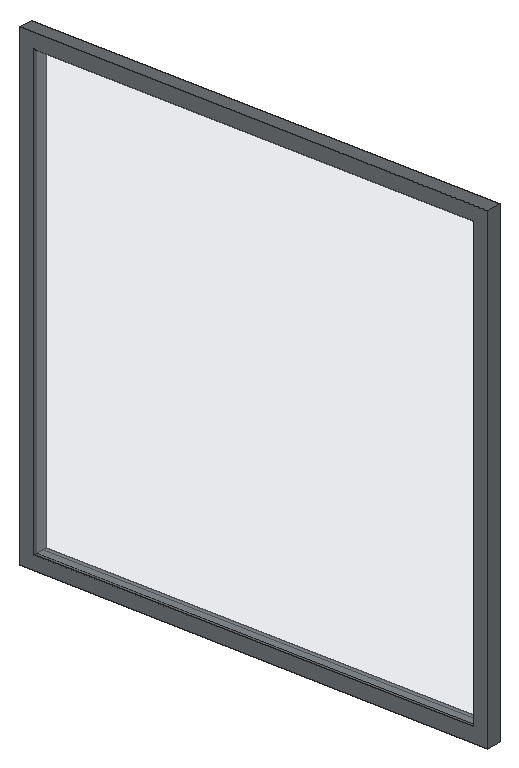
Revit family "ADSK_ОкноВитражноеОдностворчатое", category Окна, Revit 2021
Family settings
  Номер OmniClass = 23.25.20.14.11.11.17
  Заголовок OmniClass = Infill Panels
  Всегда вертикально = Да
  При загрузке вырезать с полостями = Нет
  Общий = Нет
  Точка принадлежности помещению = Нет
Parameters (values of type "Откидывание вниз")
  Ширина = 1663.754 mm
  Термостойкость = 0.271106 (m²·K)/W
  Смещение открывания [instance] = 400.00 mm
  Сдвиг_Право = no
  Сдвиг_Лево = no
  Рабочая зона = yes
  Панель_Смещение [instance] = -50.00 mm
  Рама_профиль_Ширина = 50.00 mm
  Рама_профиль_Высота = 50.00 mm
  Visual Light Transmittance = 0.9
  Стекло_Толщина = 25.00 mm
  Отступ_панели [instance] = 450.00 mm + Панель_Смещение  # 400.00 mm
  Открывание_Лево = no
  Подъем_Вверх = no
  Открывание_Право = no
  Откидывание_Вниз = yes
  Определить тепловые свойства по = Тип схем
  Материал переплета = RAL 7016
  Solar Heat Gain Coefficient = 0.78
  Идентификатор типа конструкции = "GSP4R"
  Коэффициент теплопередачи (U) = 3.6886 W/(m²·K)
  Материал остекления = ADSK_Стекло_Прозрачное бесцветное
  Стекло_Смещение = 10.00 mm
  Длина открывания [instance] = Смещение открывания * 2  # 800.00 mm
  Model = ""
  Глухая = no
  Аналитическая конструкция = "Одинарное остекление стеклами Пилкингтон - 1/8 дюйма"
  ADSK_Этаж [instance] = ""
  ADSK_Примечание [instance] = ""
  ADSK_Предел огнестойкости = ""
  ADSK_Позиция [instance] = ""
  ADSK_Обозначение = "ГОСТ 23166-99"
  ADSK_Наименование краткое = ""
  ADSK_Наименование = "ОА ОСП *-* ПО Л"
  ADSK_Масса_Текст = ""
  ADSK_Масса = 0
  ADSK_Количество [instance] = 0
  ADSK_Код изделия = ""
  ADSK_Зона [instance] = ""
  ADSK_Завод-изготовитель = ""
  ADSK_Единица измерения = ""
  ADSK_Группирование [instance] = ""
  ADSK_Версия семейства = "1.0"  # constant formula
  ADSK_Версия Revit = "v2019"  # constant formula
  ADSK_URL страницы изделия = ""
  ADSK_URL документации изделия = ""
Types (2, lengths in mm): name | Рама_профиль_Ширина | Подъем_Вверх | Откидывание_Вниз | Материал переплета | Стекло_Смещение
  Откидывание вниз | 50.00 | no | yes | RAL 7016 | 10.00
  Открывание Подъем вверх | 100.00 | yes | no | AVLN_Материал импоста_RAL 7024 | 40.00
Reference planes
  plane 1: y = 0
  plane 2: z = 0
  plane 3: x = 0
  plane 4: x = -831.877
  plane 5: x = 831.877
  plane 6: z = 1712.776
  plane 7 "Внутренняя грань": y = -50
  plane 8: z = 856.388
  plane 9: x = 100
  plane 10: x = -100
  plane 11: z = 956.388
  plane 12: z = 756.388
  plane 13: y = -450
  plane 14 "Нражная грань": y = 0
  plane 15: y = -1713.754
Forms (mm)
  Extrusion 1, solid, material "ADSK_Стекло_Прозрачное бесцветное" <- "Материал остекления"
    sketch origin (0, 0, 0) x (1, 0, 0) y (0, 1, 0)
      loop
        line (-781.877, -15) -> (-781.877, -40) -> (781.877, -40) -> (781.877, -15) -> (-781.877, -15)
    from 50 to 1662.776
  Sweep 2, solid, material "RAL 7016" <- "Материал переплета"
    path origin (0, -50, 0) x (-1, 0, 0) y (0, 0, 1)
      loop
        line (-831.877, 1712.776) -> (-831.877, 0) -> (831.877, 0) -> (831.877, 1712.776) -> (-831.877, 1712.776)
    profile origin (0, -50, 1712.776) x (0, 0, 1) y (0, 1, 0)
      loop
        line (0, 0) -> (0, 50) -> (-50, 50) -> (-50, 0) -> (0, 0)
Lines and regions (mm)
  symbolic lines, visible <- "Глухая"
    curve 1: line (0, -50, 956.388) -> (0, -50, 756.388)
    curve 2: line (100, -50, 856.388) -> (-100, -50, 856.388)
  symbolic lines, visible <- "Сдвиг_Право"
    curve 3: line (-400, -50, 856.388) -> (-264.77, -50, 892.622)
    curve 4: line (-400, -50, 856.388) -> (-264.77, -50, 820.153)
    curve 16: line (400, -50, 856.388) -> (-400, -50, 856.388)
  symbolic lines, visible <- "Сдвиг_Право", not visible
    curve 5: line (-211.731, -50, 1419.396) -> (-76.501, -50, 1455.631)
    curve 6: line (-211.731, -50, 1419.396) -> (-76.501, -50, 1383.162)
  symbolic lines, visible <- "Сдвиг_Лево"
    curve 7: line (400, -50, 856.388) -> (264.77, -50, 892.622)
    curve 8: line (400, -50, 856.388) -> (264.77, -50, 820.153)
    curve 15: line (400, -50, 856.388) -> (-400, -50, 856.388)
    curve 19: line (400, -50, 856.388) -> (395, -50, 856.388)
  symbolic lines, visible <- "Сдвиг_Лево", not visible
    curve 9: line (250, -50, 1504.2) -> (114.77, -50, 1540.435)
    curve 10: line (250, -50, 1504.2) -> (114.77, -50, 1467.965)
    curve 20: line (250, -50, 1504.2) -> (245, -50, 1504.2)
  symbolic lines, style "Открывание_Внутрь", not visible
    curve 11: line (278.269, 0, 450) -> (-278.269, 0, 0)
    curve 12: line (-278.269, 0, 900) -> (278.269, 0, 450)
    curve 13: line (-278.269, 0, 0) -> (0, 0, 900)
    curve 14: line (278.269, 0, 0) -> (0, 0, 900)
  symbolic lines, style "InvisibleLines", visible <- "Сдвиг_Право"
    curve 17: line (-400, -50, 856.388) -> (-395, -50, 856.388)
  symbolic lines, style "InvisibleLines", visible <- "Сдвиг_Право", not visible
    curve 18: line (-211.731, -50, 1419.396) -> (-206.731, -50, 1419.396)
  model lines, style "Открывание_Наружу", visible <- "Откидывание_Вниз"
    curve 21: line (831.877, -50, 0) -> (0, -50, 1712.776)
    curve 22: line (0, -50, 1712.776) -> (-831.877, -50, 0)
  model lines, style "Открывание_Наружу", visible <- "Открывание_Лево"
    curve 23: line (831.877, -50, 0) -> (-831.877, -50, 856.388)
    curve 24: line (-831.877, -50, 856.388) -> (831.877, -50, 1712.776)
  model lines, style "Открывание_Наружу", visible <- "Открывание_Право"
    curve 25: line (-831.877, -50, 0) -> (831.877, -50, 856.388)
    curve 26: line (831.877, -50, 856.388) -> (-831.877, -50, 1712.776)
  model lines, style "Открывание_Наружу", visible <- "Подъем_Вверх"
    curve 27: line (-831.877, -50, 1712.776) -> (0, -50, 0)
    curve 28: line (0, -50, 0) -> (831.877, -50, 1712.776)
  model lines, style "Открывание_Внутрь", visible <- "Откидывание_Вниз"
    curve 29: line (831.877, 0, 0) -> (0, 0, 1712.776)
    curve 30: line (0, 0, 1712.776) -> (-831.877, 0, 0)
  model lines, style "Открывание_Внутрь", visible <- "Открывание_Лево"
    curve 31: line (831.877, 0, 0) -> (-831.877, 0, 856.388)
    curve 32: line (-831.877, 0, 856.388) -> (831.877, 0, 1712.776)
  model lines, style "Открывание_Внутрь", visible <- "Открывание_Право"
    curve 33: line (-831.877, 0, 0) -> (831.877, 0, 856.388)
    curve 34: line (831.877, 0, 856.388) -> (-831.877, 0, 1712.776)
  model lines, style "Открывание_Внутрь", visible <- "Подъем_Вверх"
    curve 35: line (-831.877, 0, 1712.776) -> (0, 0, 0)
    curve 36: line (0, 0, 0) -> (831.877, 0, 1712.776)
  model lines, style "Рабочая зона", visible <- "Рабочая зона"
    curve 37: line (-831.877, -50, 0) -> (-831.877, -1713.754, 0)
    curve 38: line (831.877, -50, 0) -> (831.877, -1713.754, 0)
    curve 39: line (-831.877, -1713.754, 0) -> (831.877, -1713.754, 0)
Text (mm)
  text "Наружный" at (-1328.559, 631.882, 0), in view "Базовая линия"
Dimensions and locks
  equal spacing: plane 4, plane 3, plane 5
  "Стекло_Смещение": plane 7 "Внутренняя грань" to Extrusion 1 sketch curve
  "Рама_профиль_Ширина": Sweep 2 sketch curve to profile plane
  "Рама_профиль_Высота": Sweep 2 sketch curve to profile plane
  "Стекло_Толщина": Extrusion 1 sketch curve to Extrusion 1 sketch curve
  equal spacing: plane 2, plane 8, plane 6
  plane 10 to plane 3 to plane 9 = 100.00 mm locked, 100.00 mm locked
  plane 12 to plane 8 to plane 11 = 100.00 mm locked, 100.00 mm locked
  locked: plane 13 to plane 1 at 450
  "Отступ_панели": plane 7 "Внутренняя грань" to plane 13
  "Ширина": plane 4 to plane 5
  "Длина открывания": curve 15 to curve 15
  "Смещение открывания": curve 8 to plane 3
  "Смещение открывания": plane 3 to curve 4
  "Длина открывания": curve 16 to curve 16
  equal spacing: curve 15, plane 3, curve 15
  equal spacing: curve 16, plane 3, curve 16
  "Ширина": plane 7 "Внутренняя грань" to plane 15
  aligned and locked: plane 5 to Sweep 2 sketch curve
  aligned and locked: plane 6 to Sweep 2 sketch curve
  aligned and locked: Sweep 2 sketch curve to plane 4
  aligned and locked: plane 2 to Sweep 2 sketch curve
  aligned and locked: Sweep 2 to Extrusion 1 sketch curve
  aligned and locked: Extrusion 1 sketch curve to Sweep 2
  aligned and locked: Extrusion 1 to Sweep 2  (x2)
  aligned and locked: plane 11 to curve 1
  aligned and locked: plane 12 to curve 1
  aligned and locked: plane 8 to curve 2
  aligned and locked: plane 10 to curve 2
  aligned and locked: plane 9 to curve 2
  aligned and locked: plane 8 to curve 15
  aligned and locked: curve 4 to curve 17
  aligned and locked: curve 6 to curve 18
  aligned and locked: curve 8 to curve 19
  aligned and locked: curve 10 to curve 20
  aligned and locked: curve 19 to plane 8
  aligned and locked: plane 8 to curve 17
  aligned and locked: plane 14 "Нражная грань" to Sweep 2
  aligned and locked: plane 6 to curve 21
  aligned and locked: level to curve 21
  aligned and locked: plane 2 to curve 22
  aligned and locked: plane 6 to curve 24
  aligned and locked: curve 24 to plane 8
  aligned and locked: plane 4 to curve 26
  aligned and locked: plane 4 to curve 25
  aligned and locked: plane 5 to curve 25
  aligned and locked: plane 6 to curve 27
  aligned and locked: plane 2 to curve 28
  aligned and locked: plane 4 to curve 37
  aligned and locked: plane 5 to curve 38
  aligned and locked: curve 39 to plane 15
Automatic sketch dimensions
  curve 17 to curve 3 = 5.00 mm
  curve 4 to curve 17 = 130.23 mm
  curve 4 to curve 3 = 0.00 mm
  curve 4 to curve 17 = 36.235 mm
  curve 4 to curve 3 = 72.469 mm
  curve 18 to curve 5 = 5.00 mm
  curve 6 to curve 18 = 130.23 mm
  curve 6 to curve 5 = 0.00 mm
  curve 6 to curve 18 = 36.235 mm
  curve 6 to curve 5 = 72.469 mm
  curve 19 to curve 19 = 5.00 mm
  curve 19 to curve 8 = 130.23 mm
  curve 8 to curve 7 = 0.00 mm
  curve 8 to curve 7 = 36.235 mm
  curve 8 to curve 7 = 72.469 mm
  curve 20 to curve 20 = 5.00 mm
  curve 20 to curve 10 = 130.23 mm
  curve 10 to curve 9 = 0.00 mm
  curve 10 to curve 9 = 36.235 mm
  curve 10 to curve 9 = 72.469 mm
  plane 3 to curve 1 = 0.00 mm
  plane 3 to curve 22 = 0.00 mm
  plane 4 to curve 23 = 0.00 mm
  plane 5 to curve 28 = 0.00 mm
  plane 5 to curve 23 = 0.00 mm
  curve 28 to plane 3 = 0.00 mm
  curve 26 to plane 8 = 0.00 mm
  curve 29 to level = 0.00 mm
  plane 5 to curve 29 = 0.00 mm
  plane 5 to curve 34 = 0.00 mm
  plane 5 to curve 36 = 0.00 mm
  plane 3 to curve 29 = 0.00 mm
  curve 35 to level = 0.00 mm
  curve 35 to plane 3 = 0.00 mm
  plane 4 to curve 34 = 0.00 mm
  plane 4 to curve 31 = 0.00 mm
  curve 30 to level = 0.00 mm
  plane 4 to curve 30 = 0.00 mm
  curve 34 to plane 8 = 0.00 mm
  curve 31 to plane 8 = 0.00 mm
  curve 32 to plane 6 = 0.00 mm
  curve 34 to plane 6 = 0.00 mm
  curve 30 to plane 6 = 0.00 mm
  curve 37 to plane 7 "Внутренняя грань" = 0.00 mm
  curve 38 to plane 7 "Внутренняя грань" = 0.00 mm
  Sweep 2 sketch curve to plane 7 "Внутренняя грань" = 0.00 mm
  profile plane to Sweep 2 sketch curve = 0.00 mm
  curve 15 to plane 8 = 0.00 mm
  curve 16 to plane 8 = 0.00 mm
  curve 15 to curve 16 = 0.00 mm
